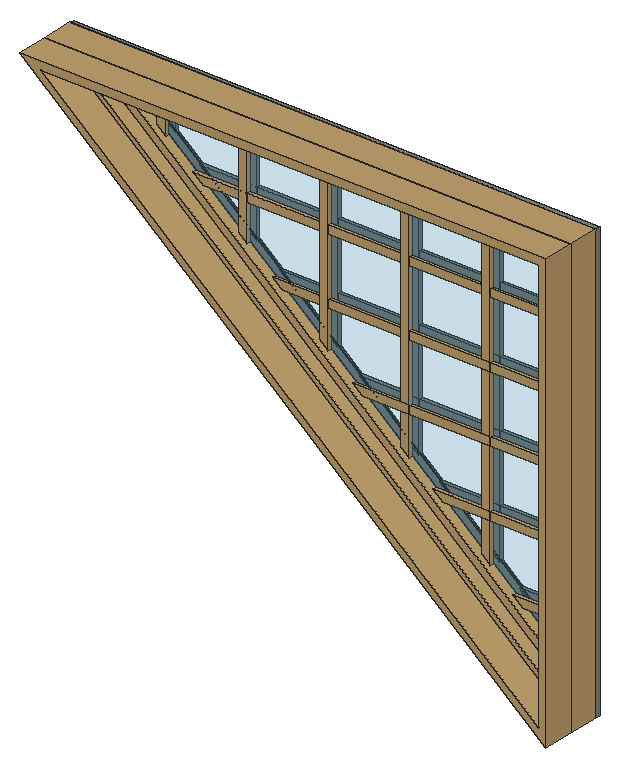
Revit family
Parameters (values of type "CCNTPRYDGPOLY P3-3")
  Window Type = "Clad Contemporary Direct Glaze Polygon P3-3"
  URL = "www.marvin.com"
  Slope per foot = 0' - 10"
  Slope Length = Width / cos(Slope Angle)  # 5' - 2.482"
  Slope Angle = atan(Slope per foot / 1' 0")  # 39.8056°
  Nominal Width = Width  # 4' - 0"
  Nominal Height = Height  # 3' - 4"
  Muntins Interior Visibility = yes
  Muntins Interior Material = Wood-Marvin-Pine
  Muntins Exterior Visibility = yes
  Muntins Exterior Material = Aluminum-Marvin-Bronze
  Model = "CCNTPRYDGPOLY P3-3"
  Mask Offset [instance] = if(Inset to Installation Flange = 0' 1 3/32", 0' 0 1/32", 0' 0")  # 0' - 0"
  Mask [instance] = Inset to Installation Flange > 0' 1 3/32"  # no
  Manufacturer = "Marvin Windows and Doors"
  Lites Wide = 6
  Lites High = 6
  Label Visibility = no
  Interior Material = Wood-Marvin-Pine
  Glazing Material = Glass-Marvin-IG Low E II with Argon
  Glass Type = "IG Low E II with Argon"
  Frame = "Aluminum Clad"
  Family created by = "www.rbuiltcomponents.com"
  Rough Width = Width + (0' 0 1/2" / sin(Slope Angle)) + 0' 0 1/2"  # 4' - 1.28102"
  Rough Height = Height + (0' 0 1/2" / cos(Slope Angle)) + (0' 0 1/2" * tan(Slope Angle))  # 3' - 5.06752"
  Jamb Extension Visibility = yes
  Inset to Installation Flange [instance] = 0' - 1"
  Height = Slope Length * sin(Slope Angle)  # 3' - 4"
  Design Pressure = if(or(Width > 10' 0", Height > 6' 0"), "", "DP40")  # "DP40"
  Description = "FIXED"
  Default Head Height = 8' - 0"
  Wall Closure = (empty or 0)
  Width = 4' - 0"
  Daylight Area = DLO Width * DLO Height / 2  # 4.76802 SF
  DLO Width = Width - (0' 1 31/32" + (0' 1 31/32" / tan(Slope Angle / 2)))  # 3' - 4.59346"
  DLO Height = Height - (0' 1 31/32" + (0' 1 31/32" / tan((90.00° - Slope Angle) / 2)))  # 2' - 9.82789"
  Cladding Material = Aluminum-Marvin-Bronze
  Assembly Code = ""
Reference planes (in)
  plane 1 "Center (Front/Back)": y = 0
  plane 2: z = 0
  plane 3 "Center (Left/Right)": x = -3
  plane 4 "Left": x = -27
  plane 5 "Right": x = 21
  plane 6 "Sill": z = 56
  plane 7 "Top": z = 96
  plane 8 "Inset": y = 2
  plane 9 "Glazing": y = 2.70313
  plane 10 "Jamb Ext Face": y = -0.1875
  plane 11: z = 76
  plane 12: y = -0.21875
  plane 13 "Glazing2": y = 1.89062
Forms (in)
  Sweep 1, solid, material "Aluminum-Marvin-Bronze" <- "Cladding Material"
    path origin (0, 2.70313, 0) x (1, 0, 0) y (0, 0, 1)
      loop
        line (21, 56) -> (21, 96) -> (-27, 96) -> (21, 56)
    profile "Profile_Ext_Clad_Frame : Profile_Ext_Clad_Frame" origin (21, 2.70313, 76) x (-1, 0, 0) y (0, -1, 0)
      loop
        line (0, 0) -> (0, -0.35938) -> (1.76689, -0.35938) -> (1.76689, -0.24087) -> (1.97001, -0.03774) -> (1.97001, 0) -> (0, 0)
  Sweep 2, solid, material "Wood-Marvin-Pine" <- "Interior Material"
    path origin (0, 2.70313, 0) x (1, 0, 0) y (0, 0, 1)
      loop
        line (21, 56) -> (21, 96) -> (-27, 96) -> (21, 56)
    profile "Profile_Int_Frame : Profile_Int_Frame" origin (21, 2.70313, 76) x (-1, 0, 0) y (0, -1, 0)
      loop
        line (1.1875, 2.89062) -> (0, 2.89062) -> (0, 0) -> (1.1875, 0) -> (1.1875, 0.8125) -> (1.97001, 0.8125) -> (1.97001, 1.68812) -> (1.1875, 1.68812) -> (1.1875, 2.89062)
  Extrusion 3, solid, material "Wood-Marvin-Pine" <- "Interior Material", visible <- "Jamb Extension Visibility", detail levels medium+fine
    sketch origin (-6, -2.5625, 0) x (-1, 0, 0) y (0, 0, -1)
      loop
        line (-27, -96) -> (21, -96) -> (-27, -56) -> (-27, -96)
      loop
        line (-26.3125, -95.3125) -> (19.10109, -95.3125) -> (-26.3125, -57.46784) -> (-26.3125, -95.3125)
    from -2.375 to 0.4375
  Extrusion 4, solid, material "Glass-Marvin-IG Low E II with Argon" <- "Glazing Material"
    sketch origin (0, 2.70313, 0) x (1, 0, 0) y (0, 0, 1)
      loop
        line (-23.46112, 94.71875) -> (19.71875, 58.73552) -> (19.71875, 94.71875) -> (-23.46112, 94.71875)
    from 0 to 0.125
  Extrusion 5, solid, material "Glass-Marvin-IG Low E II with Argon" <- "Glazing Material"
    sketch origin (0, 1.89062, 0) x (1, 0, 0) y (0, 0, 1)
      loop
        line (-23.46112, 94.71875) -> (19.71875, 58.73552) -> (19.71875, 94.71875) -> (-23.46112, 94.71875)
    from 0 to -0.125
Lines and regions (in)
  Masking region 1, visible <- "Mask"
    outline origin (-3, 0, 0) x (0, 1, 0) y (0, 0, 1)
      loop
        line (3.0625, 96) -> (3, 96) -> (3, 56) -> (3.0625, 56) -> (3.0625, 96)
  Masking region 2, visible <- "Jamb Extension Visibility"
    outline origin (0, 0, 56) x (0, -1, 0) y (1, 0, 0)
      loop
        line (-3, -27) -> (3, -27) -> (3, 21) -> (-3, 21) -> (-3, -27)
  Masking region 3
    outline origin (-3, 0, 0) x (0, 1, 0) y (0, 0, 1)
      loop
        line (-0.21875, 96) -> (-3, 96) -> (-3, 56) -> (-0.21875, 56) -> (-0.21875, 96)
  Opening 1
    outline origin (-60, 3, 0) x (-1, 0, 0) y (0, 0, 1)
      loop
        line (-81, 56) -> (-33, 96) -> (-81, 96) -> (-81, 56)
  symbolic lines, style "Jamb Extension", visible <- "Jamb Extension Visibility", detail levels fine
    curve 1: line (-27, -3, 56) -> (-26.3125, -3, 56)
    curve 2: line (-26.3125, -3, 56) -> (-26.3125, -0.21875, 56)
    curve 3: line (21, -3, 56) -> (20.3125, -3, 56)
    curve 4: line (20.3125, -3, 56) -> (20.3125, -0.21875, 56)
    curve 5: line (-3, -3, 95.3125) -> (-3, -0.21875, 95.3125)
    curve 6: line (-3, -3, 56.6875) -> (-3, -0.21875, 56.6875)
  symbolic lines, style "WindowsFrameMullionProjection", visible <- "Jamb Extension Visibility", detail levels coarse+medium
    curve 7: line (-26.3125, -0.21875, 56) -> (-26.3125, -3, 56)
    curve 8: line (-26.3125, -3, 56) -> (-27, -3, 56)
    curve 9: line (20.3125, -0.21875, 56) -> (20.3125, -3, 56)
    curve 10: line (20.3125, -3, 56) -> (21, -3, 56)
    curve 13: line (-3, -0.21875, 95.3125) -> (-3, -3, 95.3125)
    curve 14: line (-3, -3, 95.3125) -> (-3, -3, 96)
    curve 15: line (-3, -0.21875, 56.6875) -> (-3, -3, 56.6875)
    curve 16: line (-3, -3, 56.6875) -> (-3, -3, 56)
  symbolic lines, style "Jamb Extension", visible <- "Jamb Extension Visibility"
    curve 11: line (-3, -3, 56.6875) -> (-3, -3, 56)
    curve 12: line (-3, -3, 95.3125) -> (-3, -3, 96)
  reference lines
    curve 17: line (-27, 0, 96) -> (21, 0, 56)
Text (in)
  text "EXTERIOR" at (-58.6888, 50.90694, 0), in view "Ref. Level"
  text "INTERIOR" at (-58.6888, -37.76638, 0), in view "Ref. Level"
  text "Exterior" at (0, 43.65631, 123.19604), in view "Left"
  text "Exterior" at (0, 18.29385, 125.04747), in view "Right"
Dimensions and locks (in)
  equal spacing: plane 4 "Left", plane 3 "Center (Left/Right)", plane 5 "Right"
  "Width": plane 4 "Left" to plane 5 "Right"
  "Height": plane 6 "Sill" to plane 7 "Top"
  "Inset to Installation Flange": host wall to plane 8 "Inset"
  locked: plane 8 "Inset" to plane 9 "Glazing" at 0.70312
  locked: plane 10 "Jamb Ext Face" to plane 8 "Inset" at 2.1875
  equal spacing: plane 6 "Sill", plane 11, plane 7 "Top"
  "Default Head Height": plane 2 to plane 7 "Top"
  locked: nested 3 to host wall at 12.00106
  locked: curve 13 to plane 7 "Top" at 0.6875
  locked: plane 12 to plane 10 "Jamb Ext Face" at 0.03125
  "Mask Offset": Masking region 1 sketch curve to host wall
  "Slope Length": curve 17 to curve 17
  locked: Extrusion 3 sketch curve to plane 7 "Top" at 0.6875
  locked: Extrusion 3 sketch curve to curve 17 at 0.6875
  locked: Extrusion 3 sketch curve to plane 5 "Right" at 0.6875
  locked: Extrusion 4 sketch curve to plane 7 "Top" at 1.28125
  locked: Extrusion 4 sketch curve to plane 5 "Right" at 1.28125
  locked: Extrusion 4 sketch curve to curve 17 at 1.28125
  locked: Extrusion 5 sketch curve to plane 7 "Top" at 1.28125
  locked: Extrusion 5 sketch curve to plane 5 "Right" at 1.28125
  locked: Extrusion 5 sketch curve to curve 17 at 1.28125
  locked: plane 13 "Glazing2" to plane 8 "Inset" at 0.10937
  aligned and locked: nested 1 to plane 3 "Center (Left/Right)"
  aligned and locked: plane 8 "Inset" to nested 1
  aligned and locked: host wall to curve 1
  aligned and locked: curve 3 to host wall
  aligned and locked: plane 8 "Inset" to nested 2
  aligned and locked: plane 3 "Center (Left/Right)" to nested 3
  aligned and locked: plane 7 "Top" to Masking region 1 sketch curve
  aligned and locked: Masking region 1 sketch curve to plane 6 "Sill"
  aligned and locked: plane 4 "Left" to curve 8
  aligned and locked: curve 8 to host wall
  aligned and locked: plane 5 "Right" to curve 10
  aligned and locked: host wall to curve 10
  aligned and locked: plane 6 "Sill" to curve 11
  aligned and locked: plane 7 "Top" to curve 12
  aligned and locked: plane 7 "Top" to curve 14
  aligned and locked: host wall to curve 14
  aligned and locked: plane 6 "Sill" to curve 16
  aligned and locked: plane 6 "Sill" to nested 2
  aligned and locked: Masking region 2 sketch curve to plane 4 "Left"
  aligned and locked: plane 5 "Right" to Masking region 2 sketch curve
  aligned and locked: Masking region 2 sketch curve to host wall  (x2)
  aligned and locked: plane 7 "Top" to Masking region 3 sketch curve
  aligned and locked: Masking region 3 sketch curve to plane 6 "Sill"
  aligned and locked: plane 12 to Masking region 3 sketch curve
  aligned and locked: Masking region 3 sketch curve to host wall
  aligned and locked: host wall to Extrusion 3
  aligned and locked: Extrusion 3 to plane 10 "Jamb Ext Face"
  aligned and locked: plane 5 "Right" to nested 4
  aligned and locked: nested 5 to plane 5 "Right"
  aligned and locked: plane 7 "Top" to nested 4
  aligned and locked: nested 5 to plane 7 "Top"
  aligned and locked: plane 9 "Glazing" to nested 4
  aligned and locked: plane 7 "Top" to curve 17
  aligned and locked: plane 6 "Sill" to curve 17
  aligned and locked: plane 5 "Right" to curve 17
  aligned and locked: plane 5 "Right" to Sweep 1 sketch curve
  aligned and locked: plane 7 "Top" to Sweep 1 sketch curve
  aligned and locked: Sweep 1 sketch curve to curve 17
  aligned and locked: plane 5 "Right" to Sweep 2 sketch curve
  aligned and locked: plane 7 "Top" to Sweep 2 sketch curve
  aligned and locked: Sweep 2 sketch curve to curve 17
  aligned and locked: plane 7 "Top" to Opening 1 sketch curve
  aligned and locked: plane 5 "Right" to Opening 1 sketch curve
  aligned and locked: Opening 1 sketch curve to curve 17
  aligned and locked: Extrusion 3 sketch curve to plane 7 "Top"
  aligned and locked: Extrusion 3 sketch curve to plane 5 "Right"
  aligned and locked: Extrusion 3 sketch curve to curve 17
  aligned and locked: Masking region 1 sketch curve to Sweep 1
  aligned and locked: plane 13 "Glazing2" to nested 5
Automatic sketch dimensions
  plane 12 to curve 7 = 0' - 0"
  plane 12 to curve 4 = 0' - 0"
  plane 12 to curve 9 = 0' - 0"
  plane 12 to curve 2 = 0' - 0"
  curve 1 to plane 4 "Left" = 0' - 0"
  curve 3 to plane 5 "Right" = 0' - 0"
  curve 2 to plane 4 "Left" = 0' - 0 11/16"
  plane 5 "Right" to curve 4 = 0' - 0 11/16"
  curve 11 to host wall = 0' - 0"
  curve 5 to plane 12 = 0' - 0"
  curve 13 to plane 12 = 0' - 0"
  curve 6 to plane 12 = 0' - 0"
  curve 15 to plane 12 = 0' - 0"
  curve 16 to plane 6 "Sill" = 0' - 0 11/16"
Nested families (in)
  nested 1: "Polygon_Plan_Detail" at (-3, 2, 56) x (-1, 0, 0) z (0, 0, -1), type "Polygon_Plan_Detail"
  nested 2: "Polygon_Section_Detail" at (-3, 2, 96) x (0, -1, 0) z (1, 0, 0), type "Polygon_Section_Detail"
    with Height 3' - 4"
  nested 3: "Label Annotation 1-16 w6" at (-3, 15.00106, 0), visible <- "Label Visibility", type "Label Annotation 1-16 w6"
    with Nominal Height 3' - 4"
  nested 4: "Muntins" at (-28.12312, 2.70312, 22.2086), Muntin Material <- "Muntins Exterior Material", visible <- "Muntins Exterior Visibility", type "Muntins"
    with Muntin Material Aluminum-Marvin-Bronze, Width_Calc 3' - 8.09968", Slope Angle 39.8056°, Offset Vert 0' - 3.86976", Offset Horiz 0' - 5.00622", Inset Vert2 0' - 3 9/16", Inset Horiz2 0' - 3.38193", Height_Calc 3' - 0.19765", GlazingWidth 3' - 4.59346", GlazingHeight 2' - 9.82789", Width 3' - 4.90596", Height 2' - 10.14039", Inset Vert 0' - 6.97495", Inset Horiz 0' - 5.65794", Frame Width 3' - 11.72468", Frame Height 3' - 3.82265", Center_W_Calc 1' - 8.45298", Center_H_Calc 1' - 5.07019"
  nested 5: "Muntins" at (-28.12312, 1.89063, 22.2086), Muntin Material <- "Muntins Interior Material", visible <- "Muntins Interior Visibility", type "Muntins"
    with Muntin Material Wood-Marvin-Pine, Width_Calc 3' - 8.09968", Slope Angle 39.8056°, Offset Vert 0' - 3.86976", Offset Horiz 0' - 5.00622", Inset Vert2 0' - 3 9/16", Inset Horiz2 0' - 3.38193", Height_Calc 3' - 0.19765", GlazingWidth 3' - 4.59346", GlazingHeight 2' - 9.82789", Width 3' - 4.90596", Height 2' - 10.14039", Inset Vert 0' - 6.97495", Inset Horiz 0' - 5.65794", Frame Width 3' - 11.72468", Frame Height 3' - 3.82265", Center_W_Calc 1' - 8.45298", Center_H_Calc 1' - 5.07019"
Definition of nested family "Muntins"
  Parameters (values of type "Muntins")
    Width_Calc = Width + (Offset Horiz - 0' 1 13/16")  # 4' - 2.87576"
    Slope Angle = 45.00°
    Offset Vert = (0' 1 13/16" / tan((90.00° - Slope Angle) / 2))  # 0' - 4.37576"
    Offset Horiz = (0' 1 13/16" / tan(Slope Angle / 2))  # 0' - 4.37576"
    Inset Vert2 = Inset Vert - (Offset Horiz - 0' 1 31/32") - (MuntinWidth / 2)  # 0' - 5.32228"
    Inset Horiz2 = Inset Horiz - (Offset Vert - 0' 1 31/32") - (MuntinWidth / 2)  # 0' - 5.32228"
    Height_Calc = Height + (Offset Vert - 0' 1 13/16")  # 4' - 2.87576"
    GlazingWidth = 4' - 0"
    GlazingHeight = 4' - 0"
    Width = GlazingWidth + 0' 0 5/16"  # 4' - 0 5/16"
    VerticalMuntins = if(LitesHorizontal < 3, 2, LitesHorizontal - 1)  # 5
    VertMuntVisible = LitesHorizontal > 2  # yes
    MuntinWidth = 0' - 0 3/4"
    MuntinDepth = 0' - 0 5/16"
    Muntin Material [instance] = none
    LitesVertical = 6
    LitesHorizontal = 6
    HorizontalMuntins = if(LitesVertical < 3, 2, LitesVertical - 1)  # 5
    HorizMuntVisible = LitesVertical > 2  # yes
    Height = GlazingHeight + 0' 0 5/16"  # 4' - 0 5/16"
    Inset Vert = if(LitesHorizontal < 3, (Width_Calc / 3) - (MuntinWidth / 2), (Width_Calc / LitesHorizontal) - (MuntinWidth / 2))  # 0' - 8.10429"
    Inset Horiz = if(LitesVertical < 3, (Height_Calc / 3) - (MuntinWidth / 2), (Height_Calc / LitesVertical) - (MuntinWidth / 2))  # 0' - 8.10429"
    Frame Height = Height + Offset Vert + 0' 1 13/16"  # 4' - 6.50076"
    Frame Width = Width + Offset Horiz + 0' 1 13/16"  # 4' - 6.50076"
    Center_W_Calc = Width / 2  # 2' - 0 5/32"
    Center_H_Calc = Height / 2  # 2' - 0 5/32"
    CenterMuntinVertical = LitesHorizontal = 2  # no
    CenterMuntinHorizontal = LitesVertical = 2  # no
    Assembly Code = ""
  Reference planes (in)
    plane 1 "Center (Front/Back)": y = 0
    plane 2: z = 0
    plane 3 "Center (Left/Right)": x = 1.39844
    plane 4: z = 33.96875
    plane 5: x = 55.8992
    plane 6: z = 88.46951
    plane 7: z = 62.50076
    plane 8: x = 29.93045
    plane 9: x = 5.7742
    plane 10: z = 38.34451
    plane 11: x = 11.09648
    plane 12: z = 43.66679
    plane 13: z = 78.55272
    plane 14: x = 45.98241
    plane 15: x = 54.0867
    plane 16: z = 86.65701
  Forms (in)
    Extrusion 1, solid, material <- "Muntin Material", visible <- "CenterMuntinVertical"
      sketch origin (34.39844, 0, 0) x (1, 0, 0) y (0, 0, 1)
        loop
          line (-4.84299, 86.65701) -> (-4.84299, 38.34451) -> (-4.09299, 38.34451) -> (-4.09299, 86.65701) -> (-4.84299, 86.65701)
      from 0 to 0.3125 <- "MuntinDepth"
    Extrusion 2, solid, material <- "Muntin Material", visible <- "CenterMuntinHorizontal"
      sketch origin (25.39714, 0, 14.6875) x (1, 0, 0) y (0, 0, 1)
        loop
          line (-19.61661, 48.18826) -> (-19.61661, 47.43826) -> (28.69589, 47.43826) -> (28.69589, 48.18826) -> (-19.61661, 48.18826)
      from 0 to 0.3125 <- "MuntinDepth"
    Extrusion 3, solid, material <- "Muntin Material", visible <- "HorizMuntVisible"
      sketch origin (2.56326, 0, -3.21583) x (1, 0, 0) y (0, 0, 1)
        loop
          line (3.21094, 46.88262) -> (51.52344, 46.88262) -> (51.52344, 47.63262) -> (3.21094, 47.63262) -> (3.21094, 46.88262)
      from 0 to 0.3125 <- "MuntinDepth"
    Extrusion 4, solid, material <- "Muntin Material", visible <- "HorizMuntVisible"
      sketch origin (2.56326, 0, 30.9201) x (1, 0, 0) y (0, 0, 1)
        loop
          line (3.21094, 46.88262) -> (51.52344, 46.88262) -> (51.52344, 47.63262) -> (3.21094, 47.63262) -> (3.21094, 46.88262)
      from 0 to 0.3125 <- "MuntinDepth"
    Extrusion 5, solid, material <- "Muntin Material", visible <- "HorizMuntVisible"
      sketch origin (2.56326, 0, 5.31815) x (1, 0, 0) y (0, 0, 1)
        loop
          line (3.21094, 46.88262) -> (51.52344, 46.88262) -> (51.52344, 47.63262) -> (3.21094, 47.63262) -> (3.21094, 46.88262)
      from 0 to 0.3125 <- "MuntinDepth"
    Extrusion 6, solid, material <- "Muntin Material", visible <- "HorizMuntVisible"
      sketch origin (2.56326, 0, 13.85213) x (1, 0, 0) y (0, 0, 1)
        loop
          line (3.21094, 46.88262) -> (51.52344, 46.88262) -> (51.52344, 47.63262) -> (3.21094, 47.63262) -> (3.21094, 46.88262)
      from 0 to 0.3125 <- "MuntinDepth"
    Extrusion 7, solid, material <- "Muntin Material", visible <- "HorizMuntVisible"
      sketch origin (2.56326, 0, 22.38612) x (1, 0, 0) y (0, 0, 1)
        loop
          line (3.21094, 46.88262) -> (51.52344, 46.88262) -> (51.52344, 47.63262) -> (3.21094, 47.63262) -> (3.21094, 46.88262)
      from 0 to 0.3125 <- "MuntinDepth"
    Extrusion 8, solid, material <- "Muntin Material", visible <- "HorizMuntVisible"
      sketch origin (-3.21583, 0, 2.56326) x (1, 0, 0) y (0, 0, 1)
        loop
          line (14.31231, 35.78125) -> (15.06231, 35.78125) -> (15.06231, 84.09375) -> (14.31231, 84.09375) -> (14.31231, 35.78125)
      from 0 to 0.3125 <- "MuntinDepth"
    Extrusion 9, solid, material <- "Muntin Material", visible <- "HorizMuntVisible"
      sketch origin (30.9201, 0, 2.56326) x (1, 0, 0) y (0, 0, 1)
        loop
          line (14.31231, 35.78125) -> (15.06231, 35.78125) -> (15.06231, 84.09375) -> (14.31231, 84.09375) -> (14.31231, 35.78125)
      from 0 to 0.3125 <- "MuntinDepth"
    Extrusion 10, solid, material <- "Muntin Material", visible <- "HorizMuntVisible"
      sketch origin (5.31815, 0, 2.56326) x (1, 0, 0) y (0, 0, 1)
        loop
          line (14.31231, 35.78125) -> (15.06231, 35.78125) -> (15.06231, 84.09375) -> (14.31231, 84.09375) -> (14.31231, 35.78125)
      from 0 to 0.3125 <- "MuntinDepth"
    Extrusion 11, solid, material <- "Muntin Material", visible <- "HorizMuntVisible"
      sketch origin (13.85213, 0, 2.56326) x (1, 0, 0) y (0, 0, 1)
        loop
          line (14.31231, 35.78125) -> (15.06231, 35.78125) -> (15.06231, 84.09375) -> (14.31231, 84.09375) -> (14.31231, 35.78125)
      from 0 to 0.3125 <- "MuntinDepth"
    Extrusion 12, solid, material <- "Muntin Material", visible <- "HorizMuntVisible"
      sketch origin (22.38612, 0, 2.56326) x (1, 0, 0) y (0, 0, 1)
        loop
          line (14.31231, 35.78125) -> (15.06231, 35.78125) -> (15.06231, 84.09375) -> (14.31231, 84.09375) -> (14.31231, 35.78125)
      from 0 to 0.3125 <- "MuntinDepth"
    Extrusion 13, void
      sketch origin (89.86795, 0, 64.46951) x (0, 0, -1) y (1, 0, 0)
        loop
          line (30.50076, -88.46951) -> (30.50076, -31.62646) -> (-26.34229, -88.46951) -> (30.50076, -88.46951)
      from 0 to 12
  Cuts and joins
    Extrusion 13 cuts Extrusion 1
    Extrusion 13 cuts Extrusion 2
    Extrusion 13 cuts Extrusion 3
    Extrusion 13 cuts Extrusion 4
    Extrusion 13 cuts Extrusion 5
    Extrusion 13 cuts Extrusion 6
    Extrusion 13 cuts Extrusion 7
    Extrusion 13 cuts Extrusion 8
    Extrusion 13 cuts Extrusion 9
    Extrusion 13 cuts Extrusion 10
    Extrusion 13 cuts Extrusion 11
    Extrusion 13 cuts Extrusion 12
  Lines and regions (in)
    reference lines
      curve 1: line (55.8992, 0, 33.96875) -> (1.39844, 0, 88.46951)
  Dimensions and locks (in)
    "MuntinWidth": Extrusion 1 sketch curve to Extrusion 1 sketch curve
    "Height": Extrusion 1 sketch curve to Extrusion 1 sketch curve
    "MuntinWidth": Extrusion 2 sketch curve to Extrusion 2 sketch curve
    "Width": Extrusion 2 sketch curve to Extrusion 2 sketch curve
    equal spacing: Extrusion 1 sketch curve, plane 8, Extrusion 1 sketch curve
    equal spacing: Extrusion 2 sketch curve, plane 7, Extrusion 2 sketch curve
    "Offset Vert": plane 10 to plane 4
    "Offset Horiz": plane 9 to plane 3 "Center (Left/Right)"
    "Inset Vert2": plane 11 to plane 9
    "Inset Horiz2": plane 12 to plane 10
    "Inset Horiz": plane 16 to plane 13
    "Inset Vert": plane 15 to plane 14
    "Width": plane 15 to plane 9
    "Height": plane 16 to plane 10
    "Center_H_Calc": plane 16 to plane 7
    "Center_W_Calc": plane 15 to plane 8
    locked: plane 6 to plane 16 at 1.8125
    locked: plane 5 to plane 15 at 1.8125
    "MuntinWidth": Extrusion 3 sketch curve to Extrusion 3 sketch curve
    "Width": Extrusion 3 sketch curve to Extrusion 3 sketch curve
    "MuntinWidth": Extrusion 4 sketch curve to Extrusion 4 sketch curve
    "Width": Extrusion 4 sketch curve to Extrusion 4 sketch curve
    equal spacing: group 2, group 4, group 5, group 6, group 3  (x3)
    "MuntinWidth": Extrusion 5 sketch curve to Extrusion 5 sketch curve
    "Width": Extrusion 5 sketch curve to Extrusion 5 sketch curve
    "MuntinWidth": Extrusion 6 sketch curve to Extrusion 6 sketch curve
    "Width": Extrusion 6 sketch curve to Extrusion 6 sketch curve
    "MuntinWidth": Extrusion 7 sketch curve to Extrusion 7 sketch curve
    "Width": Extrusion 7 sketch curve to Extrusion 7 sketch curve
    "MuntinWidth": Extrusion 8 sketch curve to Extrusion 8 sketch curve
    "Height": Extrusion 8 sketch curve to Extrusion 8 sketch curve
    "MuntinWidth": Extrusion 9 sketch curve to Extrusion 9 sketch curve
    "Height": Extrusion 9 sketch curve to Extrusion 9 sketch curve
    equal spacing: group 7, group 9, group 10, group 11, group 8  (x3)
    "MuntinWidth": Extrusion 10 sketch curve to Extrusion 10 sketch curve
    "Height": Extrusion 10 sketch curve to Extrusion 10 sketch curve
    "MuntinWidth": Extrusion 11 sketch curve to Extrusion 11 sketch curve
    "Height": Extrusion 11 sketch curve to Extrusion 11 sketch curve
    "MuntinWidth": Extrusion 12 sketch curve to Extrusion 12 sketch curve
    "Height": Extrusion 12 sketch curve to Extrusion 12 sketch curve
    locked: Extrusion 13 sketch curve to curve 1 at 1.65625
    aligned and locked: plane 4 to curve 1
    aligned and locked: plane 6 to curve 1
    aligned and locked: plane 3 "Center (Left/Right)" to curve 1
    aligned and locked: plane 5 to curve 1
    aligned and locked: Extrusion 3 to plane 12
    aligned and locked: plane 13 to Extrusion 4
    aligned and locked: Extrusion 4 to plane 9
    aligned and locked: Extrusion 3 to plane 9
    aligned and locked: Extrusion 8 to plane 11
    aligned and locked: plane 14 to Extrusion 9
    aligned and locked: Extrusion 9 to plane 10
    aligned and locked: Extrusion 8 to plane 10
    aligned and locked: plane 3 "Center (Left/Right)" to Extrusion 13 sketch curve
    aligned and locked: plane 4 to Extrusion 13 sketch curve
  Automatic sketch dimensions
    Extrusion 1 sketch curve to plane 10 = 0' - 0"
    Extrusion 1 sketch curve to plane 8 = 0' - 0 3/8"
    plane 9 to Extrusion 2 sketch curve = 0' - 0.00632"
    Extrusion 2 sketch curve to plane 7 = 0' - 0 3/8"
Definition of nested family "Polygon_Plan_Detail"
  Parameters (values of type "Polygon_Plan_Detail")
    Width = 4' - 0"
    Assembly Code = ""
  Reference planes (in)
    plane 1 "Center (Front/Back)": y = 0
    plane 2: z = 0
    plane 3 "Center (Left/Right)": x = 0
    plane 4: x = -24
    plane 5: x = 24
  Lines and regions (in)
    Masking region 1, in view "Ref. Level"
      outline origin (0, 0, 0) x (1, 0, 0) y (0, 1, 0)
        loop
          line (-24, 1.0625) -> (-24, -2.1875) -> (24, -2.1875) -> (24, 1.0625) -> (-24, 1.0625)
    detail lines, style "Cut Lines", in view "Ref. Level", detail levels fine
      curve 1: line (-22.625, 0.67188, 0) -> (22.625, 0.67188, 0)
      curve 2: line (22.625, 0.54688, 0) -> (-22.625, 0.54688, 0)
      curve 3: line (-22.625, 0.01563, 0) -> (22.625, 0.01563, 0)
      curve 4: line (22.625, -0.10937, 0) -> (-22.625, -0.10937, 0)
    detail lines, style "Frame/Mullion", in view "Ref. Level", detail levels coarse+medium
      curve 5: line (-22.8125, -2.1875, 0) -> (-24, -2.1875, 0)
      curve 6: line (-22.8125, -2.1875, 0) -> (-22.8125, -0.985, 0)
      curve 7: line (-22.02999, 1.0625, 0) -> (-24, 1.0625, 0)
      curve 8: line (-22.8125, -0.985, 0) -> (-22.02999, -0.985, 0)
      curve 9: line (-22.02999, -0.985, 0) -> (-22.02999, 1.0625, 0)
      curve 10: line (22.02999, 1.0625, 0) -> (24, 1.0625, 0)
      curve 11: line (22.8125, -2.1875, 0) -> (24, -2.1875, 0)
      curve 12: line (22.8125, -2.1875, 0) -> (22.8125, -0.985, 0)
      curve 13: line (22.8125, -0.985, 0) -> (22.02999, -0.985, 0)
      curve 14: line (22.02999, -0.985, 0) -> (22.02999, 1.0625, 0)
    detail lines, style "Glass", in view "Ref. Level", detail levels coarse+medium
      curve 15: line (-22.02999, 0.03875, 0) -> (22.02999, 0.03875, 0)
    detail lines, in view "Ref. Level", detail levels coarse+medium
      curve 16: line (-22.02999, -0.985, 0) -> (22.02999, -0.985, 0)
  Dimensions and locks (in)
    equal spacing: plane 4, plane 3 "Center (Left/Right)", plane 5
    "Width": plane 4 to plane 5
    aligned and locked: plane 1 "Center (Front/Back)" to nested 1
    aligned and locked: nested 1 to plane 4
    aligned and locked: plane 5 to nested 2
    aligned and locked: nested 2 to plane 1 "Center (Front/Back)"
    aligned and locked: nested 1 to curve 1
    aligned and locked: nested 1 to curve 2
    aligned and locked: nested 1 to curve 3
    aligned and locked: curve 4 to nested 1  (x2)
    aligned and locked: nested 2 to curve 1
    aligned and locked: nested 2 to curve 2
    aligned and locked: nested 2 to curve 3
    aligned and locked: curve 4 to nested 2
    aligned and locked: curve 1 to nested 1
    aligned and locked: curve 2 to nested 1
    aligned and locked: curve 3 to nested 1
    aligned and locked: Masking region 1 sketch curve to nested 1  (x2)
    aligned and locked: Masking region 1 sketch curve to nested 2  (x2)
    aligned and locked: curve 5 to nested 1
    aligned and locked: curve 6 to nested 1
    aligned and locked: curve 7 to nested 1
    aligned and locked: curve 8 to nested 1
    aligned and locked: curve 9 to nested 1
    aligned and locked: curve 10 to nested 2
    aligned and locked: curve 11 to nested 2
    aligned and locked: curve 12 to nested 2
    aligned and locked: curve 13 to nested 2
    aligned and locked: curve 14 to nested 2
  Automatic sketch dimensions
    curve 7 to plane 4 = 0' - 0"
    curve 5 to plane 4 = 0' - 0"
    curve 10 to plane 5 = 0' - 0"
    curve 11 to plane 5 = 0' - 0"
    curve 15 to plane 1 "Center (Front/Back)" = 0' - 0.03875"
  Nested families (in)
    nested 1: "Jamb_Detail" at (-24, 0, 0), type "Jamb_Detail", in view "Ref. Level", detail levels fine
    nested 2: "Jamb_Detail" at (24, 0, 0) x (-1, 0, 0) z (0, 0, 1), type "Jamb_Detail", in view "Ref. Level", detail levels fine
  Definition of nested family "Jamb_Detail"
    Parameters (values of type "Jamb_Detail")
      Assembly Code = ""
    Reference planes (in)
      plane 1 "Center (Front/Back)": y = 0
      plane 2: z = 0
      plane 3 "Center (Left/Right)": x = 0
    Lines and regions (in)
      detail lines, style "Cut Lines", in view "Ref. Level"
        curve 1: line (1.1875, 2.1875, 0) -> (0, 2.1875, 0)
        curve 2: line (0, 2.1875, 0) -> (0, -1.0625, 0)
        curve 3: line (1.1875, 2.1875, 0) -> (1.1875, 0.985, 0)
        curve 4: line (1.1875, 0.985, 0) -> (1.97001, 0.985, 0)
        curve 5: line (1.97001, 0.985, 0) -> (1.97001, 0.10938, 0)
        curve 6: line (1.97001, 0.10938, 0) -> (1.1875, 0.10938, 0)
        curve 7: line (-0.15502, 0, 0) -> (-1.50502, 0, 0)
        curve 8: line (0, -0.045, 0) -> (-1.50502, -0.045, 0)
        curve 9: line (0, 0.11, 0) -> (-0.15502, 0.11, 0)
        curve 10: line (-0.15502, 0, 0) -> (-0.15502, 0.11, 0)
        curve 11: line (1.76689, -1.0625, 0) -> (0, -1.0625, 0)
        curve 12: line (1.76689, -0.94399, 0) -> (1.76689, -1.0625, 0)
        curve 13: line (1.1875, -0.70312, 0) -> (1.97001, -0.70312, 0)
        curve 14: line (-1.50502, 0, 0) -> (-1.50502, -0.045, 0)
        curve 15: line (1.97001, -0.70312, 0) -> (1.97001, -0.74087, 0)
        curve 16: line (1.1875, 0.10937, 0) -> (1.1875, -0.70312, 0)
        curve 17: line (1.375, 0.10938, 0) -> (1.375, -0.67188, 0)
        curve 18: line (1.76689, -0.94399, 0) -> (1.97001, -0.74087, 0)
        curve 19: line (1.75021, -0.01563, 0) -> (1.75021, -0.54688, 0)
Definition of nested family "Polygon_Section_Detail"
  Parameters (values of type "Polygon_Section_Detail")
    Height = 3' - 0"
    Assembly Code = ""
  Reference planes (in)
    plane 1 "Center (Front/Back)": y = 0
    plane 2: z = 0
    plane 3 "Center (Left/Right)": x = 0
    plane 4: y = 36
  Lines and regions (in)
    Masking region 1, in view "Ref. Level"
      outline origin (0, 0, 0) x (1, 0, 0) y (0, 1, 0)
        loop
          line (-1.0625, 36) -> (-1.0625, 0) -> (2.1875, 0) -> (2.1875, 36) -> (-1.0625, 36)
    detail lines, style "Cut Lines", in view "Ref. Level", detail levels fine
      curve 1: line (-0.67188, 1.375, 0) -> (-0.67188, 34.625, 0)
      curve 2: line (-0.54688, 34.625, 0) -> (-0.54688, 1.375, 0)
      curve 3: line (-0.01563, 1.375, 0) -> (-0.01563, 34.625, 0)
      curve 4: line (0.10937, 34.625, 0) -> (0.10937, 1.375, 0)
    detail lines, style "Frame/Mullion", in view "Ref. Level", detail levels coarse+medium
      curve 5: line (-1.0625, 34.02999, 0) -> (-1.0625, 36, 0)
      curve 6: line (0.985, 34.02999, 0) -> (-1.0625, 34.02999, 0)
      curve 7: line (0.985, 34.8125, 0) -> (0.985, 34.02999, 0)
      curve 8: line (2.1875, 34.8125, 0) -> (0.985, 34.8125, 0)
      curve 9: line (2.1875, 34.8125, 0) -> (2.1875, 36, 0)
      curve 10: line (-1.0625, 1.97001, 0) -> (-1.0625, 0, 0)
      curve 11: line (0.985, 1.97001, 0) -> (-1.0625, 1.97001, 0)
      curve 12: line (0.985, 1.1875, 0) -> (0.985, 1.97001, 0)
      curve 13: line (2.1875, 1.1875, 0) -> (0.985, 1.1875, 0)
      curve 14: line (2.1875, 1.1875, 0) -> (2.1875, 0, 0)
    detail lines, in view "Ref. Level", detail levels coarse+medium
      curve 15: line (0.985, 1.97001, 0) -> (0.985, 34.02999, 0)
    detail lines, style "Glass", in view "Ref. Level", detail levels coarse+medium
      curve 16: line (-0.03875, 1.97001, 0) -> (-0.03875, 34.02999, 0)
  Dimensions and locks (in)
    "Height": plane 4 to plane 1 "Center (Front/Back)"
    aligned and locked: nested 1 to plane 4
    aligned and locked: plane 3 "Center (Left/Right)" to nested 1
    aligned and locked: plane 1 "Center (Front/Back)" to nested 2
    aligned and locked: nested 2 to plane 3 "Center (Left/Right)"
    aligned and locked: nested 1 to curve 1
    aligned and locked: nested 1 to curve 2
    aligned and locked: nested 1 to curve 3
    aligned and locked: curve 4 to nested 1
    aligned and locked: nested 2 to curve 1
    aligned and locked: nested 2 to curve 2
    aligned and locked: nested 2 to curve 3
    aligned and locked: curve 4 to nested 2  (x2)
    aligned and locked: curve 1 to nested 2
    aligned and locked: curve 2 to nested 2
    aligned and locked: curve 3 to nested 2
    aligned and locked: Masking region 1 sketch curve to nested 1  (x2)
    aligned and locked: Masking region 1 sketch curve to nested 2  (x2)
    aligned and locked: curve 5 to nested 1
    aligned and locked: curve 6 to nested 1
    aligned and locked: curve 7 to nested 1
    aligned and locked: curve 8 to nested 1
    aligned and locked: curve 9 to nested 1
    aligned and locked: curve 10 to nested 2
    aligned and locked: curve 11 to nested 2
    aligned and locked: curve 12 to nested 2
    aligned and locked: curve 13 to nested 2
    aligned and locked: curve 14 to nested 2
  Automatic sketch dimensions
    plane 1 "Center (Front/Back)" to curve 14 = 0' - 0"
    plane 1 "Center (Front/Back)" to curve 10 = 0' - 0"
    curve 9 to plane 4 = 0' - 0"
    curve 5 to plane 4 = 0' - 0"
    curve 16 to plane 3 "Center (Left/Right)" = 0' - 0.03875"
  Nested families (in)
    nested 1: "Head_Detail" at (0, 36, 0), type "Head_Detail", in view "Ref. Level", detail levels fine
    nested 2: "Head_Detail" at (0, 0, 0), type "Head_Detail", in view "Ref. Level", detail levels fine
  Definition of nested family "Head_Detail"
    Parameters (values of type "Head_Detail")
      Assembly Code = ""
    Reference planes (in)
      plane 1 "Center (Front/Back)": y = 0
      plane 2: z = 0
      plane 3 "Center (Left/Right)": x = 0
    Lines and regions (in)
      detail lines, style "Cut Lines", in view "Ref. Level"
        curve 1: line (2.1875, -1.1875, 0) -> (2.1875, 0, 0)
        curve 2: line (2.1875, 0, 0) -> (-1.0625, 0, 0)
        curve 3: line (2.1875, -1.1875, 0) -> (0.985, -1.1875, 0)
        curve 4: line (0.985, -1.1875, 0) -> (0.985, -1.97001, 0)
        curve 5: line (0.985, -1.97001, 0) -> (0.10938, -1.97001, 0)
        curve 6: line (0.10938, -1.97001, 0) -> (0.10938, -1.1875, 0)
        curve 7: line (0, 0.15502, 0) -> (0, 1.50502, 0)
        curve 8: line (-0.045, 0, 0) -> (-0.045, 1.50502, 0)
        curve 9: line (0.11, 0, 0) -> (0.11, 0.15502, 0)
        curve 10: line (0, 0.15502, 0) -> (0.11, 0.15502, 0)
        curve 11: line (-1.0625, -1.76689, 0) -> (-1.0625, 0, 0)
        curve 12: line (-0.94399, -1.76689, 0) -> (-1.0625, -1.76689, 0)
        curve 13: line (-0.70312, -1.1875, 0) -> (-0.70312, -1.97001, 0)
        curve 14: line (0, 1.50502, 0) -> (-0.045, 1.50502, 0)
        curve 15: line (-0.70312, -1.97001, 0) -> (-0.74087, -1.97001, 0)
        curve 16: line (0.10938, -1.1875, 0) -> (-0.70312, -1.1875, 0)
        curve 17: line (0.10938, -1.375, 0) -> (-0.67187, -1.375, 0)
        curve 18: line (-0.94399, -1.76689, 0) -> (-0.74087, -1.97001, 0)
        curve 19: line (-0.01563, -1.75021, 0) -> (-0.54688, -1.75021, 0)
Definition of nested family "Label Annotation 1-16 w6"
  Parameters
    Nominal Width = 4' - 0"
    Nominal Height = 6' - 0"
    Label = ""
    Egress Info = "EGRESS WDW"
    Description = "DBHG MGNM"
  Reference planes (in)
    plane 1: y = 0
    plane 2: x = 0
  Text (in)
    label "Nominal Width X  Nominal Height Description" at (0.00375, -0.00345, 0), shows "Nominal Width", "Nominal Height", "Description"
